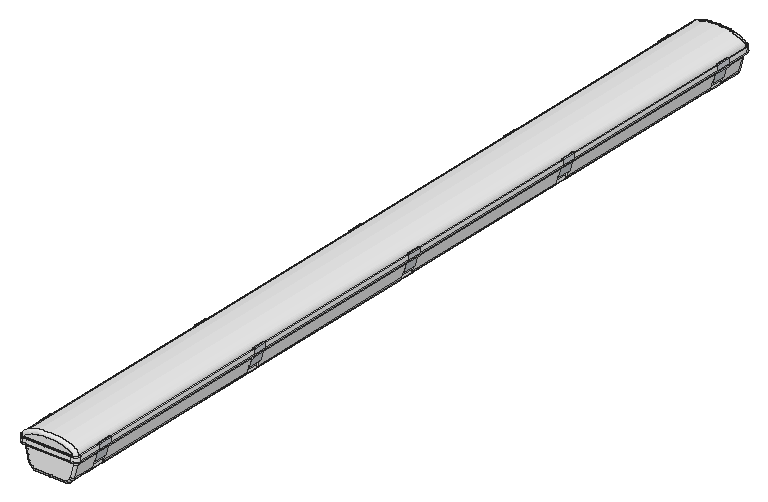
Revit family "0068082", category Lighting Fixtures, host Face, Revit 2017
Family settings
  Host = Face
  Round Connector Dimension = Use Diameter
  Part Type = Normal
  OmniClass Number = 23.80.70.11.14
  OmniClass Title = General Luminaries, Directional
  Cut with Voids When Loaded = No
  Light Source = Yes
  Shared = No
  Room Calculation Point = No
Parameters (values of type "0068082 ST WTRPRF GRP T 1500 IP65 EM 7100LM 840 - Emergency mode")
  Width = 110 mm
  Weight = "2.84 kg"
  Wattage Comments = "n/a"
  Wattage = 60 W
  WarrantyStartDate [instance] = "n/a"
  WarrantyGuarantorParts = "n/a"
  WarrantyDurationUnit = "n/a"
  WarrantyDurationParts = "n/a"
  WarrantyDescription = "n/a"
  built-in parameter 1150110 = 1 (stored number, unit not read)
  Voltage = 0 V
  URL = "http://www.sylvania-lighting.com"
  TypeName = "START Waterproof GRP Twin 1500 IP65 EM 7100 840 - Emergency mode"
  Type Image = <None>
  Type Comments = "n/a"
  built-in parameter 1114217 = 1 (stored number, unit not read)
  Tilt Angle = -90.00°
  built-in parameter 1150109 = 1 (stored number, unit not read)
  built-in parameter 1150134 = 12
  built-in parameter 1150113 = 1 (stored number, unit not read)
  SerialNumber [instance] = "n/a"
  ReflectorMaterial = none
  PowerFactor = 0.91
  PowerConsumption = "60 W"
  Photometric Web File = "0068082EM.ies"
  NominalWidth = 0 mm
  NominalLength = 1578 mm
  NominalHeight = 78 mm
  Name = "START Waterproof GRP Twin 1500 IP65 EM 7100 840 - Emergency mode"
  ModelReference = "START Waterproof GRP Twin 1500 IP65 EM 7100 840 - Emergency mode"
  ModelNumber = "0068082"
  Model = "START Waterproof GRP Twin 1500 IP65 EM 7100 840 - Emergency mode"
  Material = "composite material housing, pc polycarbonate diffuser"
  ManufacturerName = "Feilo Sylvania"
  Manufacturer = "Feilo Sylvania"
  LuminousEfficacy = "3.504 lm/W"
  built-in parameter 1150105 = 16.73 (stored number, unit not read)
  Lumens = 210.24 lm
  LuminaireType = ""
  built-in parameter 1150115 = 1 (stored number, unit not read)
  LightOutputRatio = "n/a"
  built-in parameter 1150137 = (empty or 0)
  built-in parameter 1150139 = (empty or 0)
  Length = 1572 mm
  LampsType = Lamp  # "LED"
  LampNominalLuminous = "210 lm"
  LampMacAdamStep = "n/a"
  LampColourTemperature = "4000 K"
  LampColourRenderingIndex = "80"
  built-in parameter 1150112 = 1 (stored number, unit not read)
  built-in parameter 1150114 = 1 (stored number, unit not read)
  Lamp = "LED"
  Keynote = "16500"
  InstallationDate [instance] = "n/a"
  InputVoltage = "n/a"
  InputNominalFrequency = "n/a"
  built-in parameter 1150132 = (empty or 0)
  built-in parameter 1150102 = (empty or 0)
  built-in parameter 1150107 = 4000 (stored number, unit not read)
  built-in parameter 1150138 = (empty or 0)
  IngressProtection = "IP65"
  ImpactProtectionIndex = "IK08"
  built-in parameter 1150106 = 0.1673 (stored number, unit not read)
  IfcExportType = "IfcLightFixtureType"
  IfcExportAs = "IfcLightFixtureType"
  ExpectedLife = 50000
  Emit from Rectangle Width = Width - 20 mm  # 90 mm
  Emit from Rectangle Length = Length - 20 mm  # 1552 mm
  Emit Shape Visible in Rendering = no
  ElectricShockClassification = "Class I"
  built-in parameter 1150104 = 0.32553 (stored number, unit not read)
  DurationUnit = "hours"
  DocumentationLiterature = "http://www.sylvania-lighting.com/product/en-int/products/0068082"
  DimmingControlOptions = "n/a"
  Dimming Lamp Color Temperature Shift = <None>
  DiffuserMaterial = Diffuser-Sylvania-Transparent
  Description = "Start Waterproof, integrated LED weatherproof luminaire, with UV stabilized flat diffuser and linear prisms designed to achieve uniform lit appearance, optimise light output and to reduce glare, stainless steel diffuser clips and fixing brackets for surface and wall mounting. Glass Reinforced Plastic housing for robustness, Polycarbonate diffuser, 7050lm, 60 W, 118 lm/W, 4000 K, drive current 700 mA, non dimmable, 3 hours emergency, CRI 80, IP65, IK08, Class I, nominal average life (h): 50000, 1578mm x 110mm x 78mm, energy class: A++ A+ A, D-mark"
  Default Elevation = 1219.2 mm
  CreatedOn = "10/3/2019"
  CreatedBy = "@sylvania-lighting.com"
  Cost = 0
  Color Filter = 16777215
  built-in parameter 1114216 [instance] = (empty or 0)
  ClassificationValue = "EF_70_80"
  ClassificationName = "Uniclass2015"
  BodyMaterial = Body-Sylvania-Gray
  BarCode [instance] = "n/a"
  built-in parameter 1114218 = 1 (stored number, unit not read)
  built-in parameter 1150133 = 10 (stored number, unit not read)
  AssetType = "Fixed"
  AssetIdentifier [instance] = "n/a"
  Assembly Code = "D5020200"
  Apparent Load = 60 VA
  AccessoryMaterial = Diffuser-Sylvania-Glow
Types (2, lengths in mm): name | TypeName | Photometric Web File | Name | ModelReference | Model | LuminousEfficacy | built-in parameter 1150105 | Lumens | LampNominalLuminous | built-in parameter 1150106 | built-in parameter 1150104
  0068082 ST WTRPRF GRP T 1500 IP65 EM 7100LM 840 - Emergency mode | "START Waterproof GRP Twin 1500 IP65 EM 7100 840 - Emergency mode" | "0068082EM.ies" | "START Waterproof GRP Twin 1500 IP65 EM 7100 840 - Emergency mode" | "START Waterproof GRP Twin 1500 IP65 EM 7100 840 - Emergency mode" | "START Waterproof GRP Twin 1500 IP65 EM 7100 840 - Emergency mode" | "3.504 lm/W" | 16.73 (stored number, unit not read) | 210.24 lm | "210 lm" | 0.1673 (stored number, unit not read) | 0.32553 (stored number, unit not read)
  0068082 ST WTRPRF GRP T 1500 IP65 EM 7100LM 840 | "START Waterproof GRP Twin 1500 IP65 EM 7100 840" | "0068082.ies" | "START Waterproof GRP Twin 1500 IP65 EM 7100 840" | "START Waterproof GRP Twin 1500 IP65 EM 7100 840" | "START Waterproof GRP Twin 1500 IP65 EM 7100 840" | "118 lm/W" | 563.41 (stored number, unit not read) | 7080 lm | "7050 lm" | 5.6341 (stored number, unit not read) | 10.963 (stored number, unit not read)
Reference planes
  plane 1 "Center (Front/Back)": y = 0
  plane 2: z = 0
  plane 3 "Center (Left/Right)": x = 0
  plane 4: z = 54
  plane 5: x = -27.7
  plane 6: x = -34.8
  plane 7: x = -39.6
  plane 8: x = -42.2
  plane 9: z = 3
  plane 10: z = 7.8
  plane 11: z = 12.3
  plane 12: z = 36.6
  plane 13: z = 42.8
  plane 14: x = -51.1
  plane 15: z = 46.2
  plane 16: x = -55
  plane 17: y = 786
  plane 18: y = -786
  plane 19: x = 27.7
  plane 20: x = 34.8
  plane 21: x = 39.6
  plane 22: x = 42.2
  plane 23: x = 51.1
  plane 24: x = 55
  plane 25: y = 778.4
  plane 26: y = -778.4
  plane 27: y = -774.7
  plane 28: y = 774.7
  plane 29: z = 74
  plane 30: x = -51.5
  plane 31: x = 51.5
  plane 32: z = 55.2
  plane 33: y = -782.5
  plane 34: y = 782.5
  plane 35: x = -37.5
  plane 36: x = 37.5
  plane 37: x = -48.7
  plane 38: x = 48.7
  plane 39: x = 18
  plane 40: x = -18
  plane 41: z = 50.2
  plane 42: z = 24.6
  plane 43: y = 720
  plane 44: y = 706
  plane 45: y = 734
  plane 46: y = -720
  plane 47: y = 720
  plane 48: y = 706
  plane 49: y = 734
  plane 50: y = -720
  plane 51: y = -734
  plane 52: y = -706
  plane 53: y = 360
  plane 54: y = 346
  plane 55: y = 374
  plane 56: y = 0
  plane 57: y = -14
  plane 58: y = 14
  plane 59: y = -360
  plane 60: y = -374
  plane 61: y = -346
Forms (mm)
  Sweep 1, solid, material "Body-Sylvania-Gray" <- "BodyMaterial", detail levels medium+fine
    path origin (1223.4, -4572, 54) x (0, -1, 0) y (1, 0, 0)
      loop
        arc (-3796, -1278.4) -> (-3788.929, -1275.471) -> (-3786, -1268.4) r 10
        line (-3786, -1268.4) -> (-3786, -1178.4)
        arc (-3786, -1178.4) -> (-3788.929, -1171.329) -> (-3796, -1168.4) r 10
        line (-3796, -1168.4) -> (-5348, -1168.4)
        arc (-5348, -1168.4) -> (-5355.071, -1171.329) -> (-5358, -1178.4) r 10
        line (-5358, -1178.4) -> (-5358, -1268.4)
        arc (-5358, -1268.4) -> (-5355.071, -1275.471) -> (-5348, -1278.4) r 10
        line (-5348, -1278.4) -> (-3796, -1278.4)
    profile origin (-55, 0, 54) x (-1, 0, 0) y (0, 0, 1)
      loop
        line (0, 0) -> (-1, 0) -> (-1, -7.726)
        arc (-1, -7.726) -> (-1.994, -9.498) -> (-3.9, -10.2) r 2.937
        line (-3.9, -10.2) -> (-8.571, -10.2) -> (-8.571, -11.2) -> (-3.9, -11.2)
        arc (-3.9, -11.2) -> (-1.313, -10.231) -> (0, -7.8) r 3.937
        line (0, -7.8) -> (0, 0)
  Sweep 2, solid, material "Body-Sylvania-Gray" <- "BodyMaterial", detail levels medium+fine
    path origin (0, 0, 0) x (1, 0, 0) y (0, 0, 1)
      loop
        line (48.7, 42.8) -> (48.7, 36.6) -> (42.203, 12.31)
        arc (42.203, 12.31) -> (41.199, 9.884) -> (39.6, 7.8) r 10.052
        line (39.6, 7.8) -> (34.8, 3)
        arc (34.8, 3) -> (31.554, 0.781) -> (27.7, 0) r 9.902
        line (27.7, 0) -> (0, 0) -> (-27.7, 0)
        arc (-27.7, 0) -> (-31.554, 0.781) -> (-34.8, 3) r 9.902
        line (-34.8, 3) -> (-39.6, 7.8)
        arc (-39.6, 7.8) -> (-41.199, 9.884) -> (-42.203, 12.31) r 10.052
        line (-42.203, 12.31) -> (-48.7, 36.6) -> (-48.7, 42.8)
    profile origin (0, 0, 0) x (0, 0, -1) y (0, -1, 0)
      loop
        arc (0, 773.4) -> (-1.464, 776.936) -> (-5, 778.4) r 5
        line (-5, 778.4) -> (-7.8, 778.4) -> (-7.8, -778.4) -> (-5, -778.4)
        arc (-5, -778.4) -> (-1.464, -776.936) -> (0, -773.4) r 5
        line (0, -773.4) -> (0, 773.4)
  Extrusion 3, solid, material "Body-Sylvania-Gray" <- "BodyMaterial", detail levels medium+fine
    sketch origin (1524, 778.4, 1219.2) x (1, 0, 0) y (0, 0, 1)
      loop
        arc (-1558.668, -1204.874) -> (-1558.443, -1205.418) -> (-1558.085, -1205.885) r 2.252
        line (-1558.085, -1205.885) -> (-1553.231, -1210.738)
        arc (-1553.231, -1210.738) -> (-1552.534, -1211.227) -> (-1551.7, -1211.4) r 2.102
        line (-1551.7, -1211.4) -> (-1496.3, -1211.4)
        arc (-1496.3, -1211.4) -> (-1495.466, -1211.227) -> (-1494.769, -1210.738) r 2.102
        line (-1494.769, -1210.738) -> (-1489.915, -1205.885)
        arc (-1489.915, -1205.885) -> (-1489.557, -1205.418) -> (-1489.332, -1204.874) r 2.252
        line (-1489.332, -1204.874) -> (-1483.1, -1181.575) -> (-1483.1, -1176.4) -> (-1564.9, -1176.4) -> (-1564.9, -1181.575) -> (-1558.668, -1204.874)
    from 0 to 1556.8
  Sweep 4, solid, material "Diffuser-Sylvania-Transparent" <- "DiffuserMaterial", detail levels medium+fine
    path origin (0, 0, 0) x (1, 0, 0) y (0, 0, 1)
      loop
        spline (-51.5, 55.2) -> (-49.745, 60.066) -> (-44.6, 64.6) -> (-36.416, 68.494) -> (-25.75, 71.481) -> (-13.329, 73.359) -> (0, 74) -> (13.329, 73.359) -> (25.75, 71.481) -> (36.416, 68.494) -> (44.6, 64.6) -> (49.745, 60.066) -> (51.5, 55.2)
    profile origin (51.5, 0, 55.2) x (0, -1, 0) y (1, 0, 0)
      loop
        arc (782.5, -5.5) -> (780.889, -1.611) -> (777, 0) r 5.5
        line (777, 0) -> (-777, 0)
        arc (-777, 0) -> (-780.889, -1.611) -> (-782.5, -5.5) r 5.5
        line (-782.5, -5.5) -> (-782.5, -6.3) -> (-781.5, -6.3) -> (-781.5, -5.5)
        arc (-781.5, -5.5) -> (-780.182, -2.318) -> (-777, -1) r 4.5
        line (-777, -1) -> (777, -1)
        arc (777, -1) -> (780.182, -2.318) -> (781.5, -5.5) r 4.5
        line (781.5, -5.5) -> (781.5, -6.347) -> (782.5, -6.347) -> (782.5, -5.5)
  Extrusion 5, solid, material "Diffuser-Sylvania-Transparent" <- "DiffuserMaterial", detail levels medium+fine
    sketch origin (1524, -782.5, 1219.2) x (1, 0, 0) y (0, 0, 1)
      loop
        line (-1569.653, -1164) -> (-1478.347, -1164)
        spline (-1478.347, -1164) -> (-1478.969, -1162.594) -> (-1482.527, -1159.545) -> (-1489.588, -1156.201) -> (-1499.458, -1153.445) -> (-1511.242, -1151.663) -> (-1524, -1151.049) -> (-1536.758, -1151.663) -> (-1548.542, -1153.445) -> (-1558.412, -1156.201) -> (-1565.473, -1159.545) -> (-1569.031, -1162.594) -> (-1569.653, -1164)
    from 0 to -1
  Extrusion 6, solid, material "Diffuser-Sylvania-Transparent" <- "DiffuserMaterial", detail levels medium+fine
    sketch origin (1524, 782.5, 1219.2) x (1, 0, 0) y (0, 0, 1)
      loop
        spline (-1478.3, -1164) -> (-1478.931, -1162.565) -> (-1482.502, -1159.505) -> (-1489.572, -1156.155) -> (-1499.446, -1153.394) -> (-1511.236, -1151.614) -> (-1524, -1151.007) -> (-1536.764, -1151.614) -> (-1548.554, -1153.394) -> (-1558.428, -1156.155) -> (-1565.498, -1159.505) -> (-1569.069, -1162.565) -> (-1569.7, -1164)
        line (-1569.7, -1164) -> (-1478.3, -1164)
    from 0 to 1
  Extrusion 7, solid, material "Diffuser-Sylvania-Transparent" <- "DiffuserMaterial", detail levels medium+fine
    sketch origin (1223.4, -4572, 55.2) x (0, -1, 0) y (-1, 0, 0)
      loop
        arc (-5353.5, 1177.4) -> (-5352.182, 1174.218) -> (-5349, 1172.9) r 4.5
        line (-5349, 1172.9) -> (-3795, 1172.9)
        arc (-3795, 1172.9) -> (-3791.818, 1174.218) -> (-3790.5, 1177.4) r 4.5
        line (-3790.5, 1177.4) -> (-3790.5, 1269.4)
        arc (-3790.5, 1269.4) -> (-3791.818, 1272.582) -> (-3795, 1273.9) r 4.5
        line (-3795, 1273.9) -> (-5349, 1273.9)
        arc (-5349, 1273.9) -> (-5352.182, 1272.582) -> (-5353.5, 1269.4) r 4.5
        line (-5353.5, 1269.4) -> (-5353.5, 1177.4)
      loop
        line (-5358, 1268.4) -> (-5358, 1178.4)
        arc (-5358, 1178.4) -> (-5355.071, 1171.329) -> (-5348, 1168.4) r 10
        line (-5348, 1168.4) -> (-3796, 1168.4)
        arc (-3796, 1168.4) -> (-3788.929, 1171.329) -> (-3786, 1178.4) r 10
        line (-3786, 1178.4) -> (-3786, 1268.4)
        arc (-3786, 1268.4) -> (-3788.929, 1275.471) -> (-3796, 1278.4) r 10
        line (-3796, 1278.4) -> (-5348, 1278.4)
        arc (-5348, 1278.4) -> (-5355.071, 1275.471) -> (-5358, 1268.4) r 10
    from 0 to 1.2
  Extrusion 8, solid, material "Diffuser-Sylvania-Glow" <- "AccessoryMaterial", detail levels fine
    sketch origin (0, 0, 0) x (1, 0, 0) y (0, 0, 1)
      loop
        circle (-18, 50.2) r 8
      loop
        circle (18, 50.2) r 8
    from -774.7 to 774.7
  Extrusion 9, void
    sketch origin (0, 720, 2343.807) x (0, 0, -1) y (-1, 0, 0)
      loop
        line (2340.807, -37.5) -> (2331.507, -37.5) -> (2319.207, -42.2) -> (2319.207, -48.7) -> (2340.807, -48.7) -> (2340.807, -37.5)
      loop
        line (2340.807, 37.5) -> (2340.807, 48.7) -> (2319.207, 48.7) -> (2319.207, 42.2) -> (2331.507, 37.5) -> (2340.807, 37.5)
    from -14 to 14
  Extrusion 10, solid, material "Body-Sylvania-Gray" <- "BodyMaterial", detail levels coarse
    sketch origin (0, 0, 0) x (1, 0, 0) y (0, 0, 1)
      loop
        line (55, 42.8) -> (55, 55.2) -> (-55, 55.2) -> (-55, 42.791) -> (-42.2, 0) -> (42.2, 0) -> (55, 42.8)
    from -786 to 786
  Extrusion 11, solid, material "Diffuser-Sylvania-Transparent" <- "DiffuserMaterial", detail levels coarse
    sketch origin (0, 0, 0) x (1, 0, 0) y (0, 0, 1)
      loop
        arc (51.5, 55.2) -> (0, 74) -> (-51.5, 55.2) r 79.939
        line (-51.5, 55.2) -> (51.5, 55.2)
    from 778.4 to -778.4
  Extrusion 12, void, not visible
    sketch origin (0, 720, 2343.807) x (0, 0, -1) y (-1, 0, 0)
      loop
        line (2340.807, -37.5) -> (2331.507, -37.5) -> (2319.207, -42.2) -> (2319.207, -48.7) -> (2340.807, -48.7) -> (2340.807, -37.5)
      loop
        line (2340.807, 37.5) -> (2340.807, 48.7) -> (2319.207, 48.7) -> (2319.207, 42.2) -> (2331.507, 37.5) -> (2340.807, 37.5)
    from -14 to 14
  Extrusion 13, void
    sketch origin (0, -720, 2343.807) x (0, 0, -1) y (-1, 0, 0)
      loop
        line (2340.807, -37.5) -> (2331.507, -37.5) -> (2319.207, -42.2) -> (2319.207, -48.7) -> (2340.807, -48.7) -> (2340.807, -37.5)
      loop
        line (2340.807, 37.5) -> (2340.807, 48.7) -> (2319.207, 48.7) -> (2319.207, 42.2) -> (2331.507, 37.5) -> (2340.807, 37.5)
    from -14 to 14
  Extrusion 14, void
    sketch origin (0, 360, 2343.807) x (0, 0, -1) y (-1, 0, 0)
      loop
        line (2340.807, -37.5) -> (2331.507, -37.5) -> (2319.207, -42.2) -> (2319.207, -48.7) -> (2340.807, -48.7) -> (2340.807, -37.5)
      loop
        line (2340.807, 37.5) -> (2340.807, 48.7) -> (2319.207, 48.7) -> (2319.207, 42.2) -> (2331.507, 37.5) -> (2340.807, 37.5)
    from -14 to 14
  Extrusion 15, void
    sketch origin (0, 0, 2343.807) x (0, 0, -1) y (-1, 0, 0)
      loop
        line (2340.807, -37.5) -> (2331.507, -37.5) -> (2319.207, -42.2) -> (2319.207, -48.7) -> (2340.807, -48.7) -> (2340.807, -37.5)
      loop
        line (2340.807, 37.5) -> (2340.807, 48.7) -> (2319.207, 48.7) -> (2319.207, 42.2) -> (2331.507, 37.5) -> (2340.807, 37.5)
    from -14 to 14
  Extrusion 16, void
    sketch origin (0, -360, 2343.807) x (0, 0, -1) y (-1, 0, 0)
      loop
        line (2340.807, -37.5) -> (2331.507, -37.5) -> (2319.207, -42.2) -> (2319.207, -48.7) -> (2340.807, -48.7) -> (2340.807, -37.5)
      loop
        line (2340.807, 37.5) -> (2340.807, 48.7) -> (2319.207, 48.7) -> (2319.207, 42.2) -> (2331.507, 37.5) -> (2340.807, 37.5)
    from -14 to 14
Cuts and joins
  Extrusion 9, Extrusion 13, Extrusion 14, Extrusion 15, Extrusion 16 cuts Sweep 2
  Extrusion 13, Extrusion 14, Extrusion 15, Extrusion 16 cuts Extrusion 3
  joined: Sweep 2, Extrusion 3
  joined: Sweep 4, Extrusion 5, Extrusion 6
Dimensions and locks
  locked: plane 4 to plane 2 at 54
  plane 5 to plane 6 to plane 7 to plane 8 to plane 14 to plane 16 = 7.1 mm locked, 4.8 mm locked, 2.6 mm locked, 8.9 mm, 3.9 mm
  plane 4 to plane 15 to plane 13 to plane 12 to plane 11 to plane 10 to plane 9 = 7.8 mm locked, 3.4 mm, 6.2 mm locked, 24.3 mm locked, 4.5 mm locked, 4.8 mm locked
  equal spacing: plane 18, plane 1 "Center (Front/Back)", plane 17
  "Length": plane 18 to plane 17
  plane 19 to plane 20 to plane 21 to plane 22 to plane 23 to plane 24 = 7.1 mm locked, 4.8 mm locked, 2.6 mm locked, 8.9 mm, 3.9 mm
  equal spacing: plane 24, plane 3 "Center (Left/Right)", plane 16
  "Width": plane 24 to plane 16
  equal spacing: plane 27, plane 1 "Center (Front/Back)", plane 28
  locked: plane 26 to plane 27 at 3.7
  locked: Sweep 1 sketch curve to profile plane at 1
  locked: Sweep 1 sketch curve to plane 13 at 1
  locked: Sweep 1 sketch curve to plane 13 at 3.937  (x2)
  locked: Sweep 1 sketch curve to profile plane at 3.9  (x2)
  locked: plane 29 to plane 4 at 20
  equal spacing: plane 31, plane 3 "Center (Left/Right)", plane 30
  locked: plane 30 to plane 16 at 3.5
  locked: plane 32 to plane 4 at 1.2
  equal spacing: plane 33, plane 1 "Center (Front/Back)", plane 34
  equal spacing: plane 36, plane 3 "Center (Left/Right)", plane 35
  locked: plane 3 "Center (Left/Right)" to plane 35 at 37.5
  locked: plane 34 to plane 17 at 3.5
  equal spacing: plane 38, plane 3 "Center (Left/Right)", plane 37
  locked: plane 37 to plane 16 at 6.3
  equal spacing: plane 25, plane 1 "Center (Front/Back)", plane 26
  locked: plane 17 to plane 25 at 7.6
  locked: Sweep 2 sketch curve to plane 2 at 5  (x2)
  locked: Sweep 2 sketch curve to plane 26 at 5
  locked: plane 25 to Sweep 2 sketch curve at 5
  locked: Sweep 4 sketch curve to plane 31 at 5.5  (x2)
  locked: Sweep 4 sketch curve to plane 34 at 5.5
  plane 33 to Sweep 4 sketch curve = 5.5 mm
  locked: plane 34 to Sweep 4 sketch curve at 1
  locked: Sweep 4 sketch curve to plane 31 at 1
  locked: Sweep 4 sketch curve to Sweep 4 sketch curve at 1
  locked: Sweep 4 sketch curve to plane 31 at 6.347
  locked: Sweep 4 sketch curve to plane 31 at 6.3
  equal spacing: plane 39, plane 3 "Center (Left/Right)", plane 40
  locked: plane 3 "Center (Left/Right)" to plane 40 at 18
  locked: plane 42 to plane 2 at 24.6
  plane 45 to plane 43 to plane 44 = 14 mm locked, 14 mm locked
  locked: plane 17 to plane 43 at 66
  equal spacing: plane 43, plane 1 "Center (Front/Back)", plane 46
  plane 49 to plane 47 to plane 48 = 14 mm locked, 14 mm locked
  plane 52 to plane 50 to plane 51 = 14 mm locked, 14 mm locked  (x2)
  equal spacing: group 1, group 6, group 7, group 8, group 5  (x2)
  equal spacing: group 5, group 8, group 7, group 6, group 1
  plane 55 to plane 53 to plane 54 = 14 mm locked, 14 mm locked  (x2)
  plane 58 to plane 56 to plane 57 = 14 mm locked, 14 mm locked  (x2)
  plane 61 to plane 59 to plane 60 = 14 mm locked, 14 mm locked  (x2)
  plane 43 to plane 53 to plane 1 "Center (Front/Back)" to plane 59 to plane 50 = 360 mm locked, 360 mm locked, 360 mm locked, 360 mm locked
  aligned and locked: plane 2 to host face
  aligned and locked: level to host face
  aligned and locked: plane 16 to Sweep 1 sketch curve
  aligned and locked: Sweep 1 sketch curve to plane 24
  aligned and locked: plane 18 to Sweep 1 sketch curve
  aligned and locked: Sweep 1 sketch curve to plane 13
  aligned and locked: profile plane to Sweep 1 sketch curve
  aligned and locked: plane 3 "Center (Left/Right)" to Sweep 2 sketch curve
  aligned and locked: plane 9 to Sweep 2 sketch curve
  aligned and locked: plane 10 to Sweep 2 sketch curve
  aligned and locked: plane 37 to Sweep 2 sketch curve
  aligned and locked: plane 12 to Sweep 2 sketch curve
  aligned and locked: Sweep 2 sketch curve to level
  aligned and locked: plane 21 to Sweep 2 sketch curve
  aligned and locked: plane 38 to Sweep 2 sketch curve
  aligned and locked: profile plane to Sweep 2 sketch curve
  aligned and locked: plane 25 to Sweep 2 sketch curve
  aligned and locked: Sweep 2 sketch curve to plane 10
  aligned and locked: Extrusion 3 sketch curve to Sweep 2  (x7)
  aligned and locked: Sweep 2 to Extrusion 3 sketch curve
  aligned and locked: Extrusion 3 to plane 25
  aligned and locked: plane 26 to Extrusion 3
  aligned and locked: plane 32 to Sweep 4 sketch curve
  aligned and locked: plane 33 to Sweep 4 sketch curve
  aligned and locked: Sweep 4 to Extrusion 5
  aligned and locked: plane 33 to Extrusion 5
  aligned and locked: Extrusion 5 sketch curve to Sweep 4
  aligned and locked: cut or joined group of Sweep 4, Extrusion 5, Extrusion 6 to Extrusion 6 sketch curve
  aligned and locked: Extrusion 7 sketch curve to cut or joined group of Sweep 4, Extrusion 5, Extrusion 6  (x2)
  aligned and locked: cut or joined group of Sweep 4, Extrusion 5, Extrusion 6 to Extrusion 7 sketch curve  (x2)
  aligned and locked: plane 41 to Extrusion 8 sketch curve  (x2)
  aligned and locked: plane 39 to Extrusion 8 sketch curve
  aligned and locked: plane 27 to Extrusion 8
  aligned and locked: Extrusion 8 to plane 28
  aligned and locked: Extrusion 9 to plane 42
  aligned and locked: plane 9 to Extrusion 9
  aligned and locked: plane 44 to Extrusion 9
  aligned and locked: Extrusion 9 to plane 45
  aligned and locked: Extrusion 7 sketch curve to Sweep 1  (x4)
  aligned and locked: plane 4 to Extrusion 7
  aligned and locked: Extrusion 7 to plane 32
  aligned and locked: nested 2 to plane 43
  aligned and locked: plane 43 to nested 1
  aligned and locked: Extrusion 10 sketch curve to plane 24
  aligned and locked: Extrusion 10 sketch curve to Extrusion 7
  aligned and locked: plane 8 to Extrusion 10 sketch curve
  aligned and locked: plane 22 to Extrusion 10 sketch curve
  aligned and locked: level to Extrusion 10 sketch curve
  aligned and locked: Extrusion 10 to plane 17
  aligned and locked: plane 18 to Extrusion 10
  aligned and locked: cut or joined group of Sweep 4, Extrusion 5, Extrusion 6 to Extrusion 11 sketch curve
  aligned and locked: Extrusion 11 sketch curve to cut or joined group of Sweep 4, Extrusion 5, Extrusion 6  (x2)
  aligned and locked: plane 31 to Extrusion 11 sketch curve
  aligned and locked: plane 30 to Extrusion 11 sketch curve
  aligned and locked: plane 26 to Extrusion 11
  aligned and locked: Extrusion 11 to plane 25
  aligned and locked: imposter light to plane 29
  aligned and locked: plane 3 "Center (Left/Right)" to imposter light
  aligned and locked: plane 1 "Center (Front/Back)" to imposter light
  aligned and locked: plane 51 to Extrusion 13
  aligned and locked: Extrusion 13 to plane 52
  aligned and locked: plane 54 to Extrusion 14
  aligned and locked: Extrusion 14 to plane 55
  aligned and locked: plane 57 to Extrusion 15
  aligned and locked: Extrusion 15 to plane 58
  aligned and locked: plane 60 to Extrusion 16
  aligned and locked: Extrusion 16 to plane 61
  aligned and locked: nested 3 to plane 53
  aligned and locked: plane 53 to nested 10
  aligned and locked: nested 4 to plane 56
  aligned and locked: plane 56 to nested 9
  aligned and locked: nested 5 to plane 59
  aligned and locked: plane 59 to nested 8
  aligned and locked: nested 6 to plane 50
  aligned and locked: plane 50 to nested 7
Automatic sketch dimensions
  host sketch curve to host sketch curve = 2438.4 mm  (x2)
  plane 17 to Sweep 1 sketch curve = 0 mm
  Sweep 1 sketch curve to plane 28 = 1.3 mm
  Sweep 1 sketch curve to plane 7 = 5.4 mm
  plane 27 to Sweep 1 sketch curve = 1.3 mm  (x2)
  Sweep 1 sketch curve to Sweep 1 sketch curve = 4.671 mm
  Sweep 1 sketch curve to plane 4 = 0 mm
  Sweep 2 sketch curve to plane 7 = 0 mm
  Sweep 2 sketch curve to plane 6 = 0 mm
  Sweep 2 sketch curve to plane 5 = 0 mm
  plane 19 to Sweep 2 sketch curve = 0 mm
  Sweep 2 sketch curve to plane 9 = 0 mm
  plane 20 to Sweep 2 sketch curve = 0 mm
  Sweep 2 sketch curve to plane 12 = 0 mm
  Sweep 2 sketch curve to plane 10 = 0 mm
  Sweep 2 sketch curve to plane 13 = 0 mm  (x2)
  Sweep 2 sketch curve to plane 8 = 0.003 mm
  plane 6 to Sweep 2 sketch curve = 2.308 mm
  plane 20 to Sweep 2 sketch curve = 2.308 mm
  Sweep 2 sketch curve to plane 22 = 0.003 mm
  Sweep 2 sketch curve to plane 11 = 0.01 mm  (x2)
  Extrusion 3 sketch curve to plane 5 = 0 mm
  plane 19 to Extrusion 3 sketch curve = 0 mm
  plane 6 to Extrusion 3 sketch curve = 0.132 mm
  plane 6 to Extrusion 3 sketch curve = 0.715 mm
  Extrusion 3 sketch curve to Extrusion 3 sketch curve = 1.592 mm
  Extrusion 3 sketch curve to plane 10 = 0.662 mm  (x2)
  plane 20 to Extrusion 3 sketch curve = 2.308 mm
  plane 20 to Extrusion 3 sketch curve = 0.715 mm
  plane 20 to Extrusion 3 sketch curve = 0.132 mm
  Sweep 4 sketch curve to plane 30 = 0 mm
  Sweep 4 sketch curve to plane 3 "Center (Left/Right)" = 0 mm
  Sweep 4 sketch curve to Sweep 4 sketch curve = 0 mm  (x2)
  plane 37 to Extrusion 5 sketch curve = 3.047 mm
  Extrusion 5 sketch curve to plane 38 = 3.047 mm
  plane 37 to Extrusion 6 sketch curve = 3 mm
  Extrusion 6 sketch curve to plane 38 = 3 mm
  plane 25 to Extrusion 7 sketch curve = 1.4 mm  (x2)
  Extrusion 7 sketch curve to plane 26 = 1.4 mm  (x2)
  Extrusion 8 sketch curve to plane 40 = 0 mm
  Extrusion 9 sketch curve to Extrusion 9 sketch curve = 0 mm
  Extrusion 9 sketch curve to Extrusion 9 sketch curve = 12.3 mm  (x2)
  Extrusion 9 sketch curve to Extrusion 9 sketch curve = 9.3 mm  (x2)
  Extrusion 9 sketch curve to Extrusion 9 sketch curve = 6.5 mm
  Extrusion 9 sketch curve to Extrusion 9 sketch curve = 4.7 mm  (x2)
  Extrusion 9 sketch curve to Extrusion 9 sketch curve = 75 mm
  Extrusion 9 sketch curve to Extrusion 9 sketch curve = 11.2 mm
  Extrusion 10 sketch curve to plane 13 = 0 mm
  plane 13 to Extrusion 10 sketch curve = 0.009 mm
  Extrusion 11 sketch curve to level = 5.939 mm
  Extrusion 10 sketch curve to plane 16 = 0 mm
  Extrusion 12 sketch curve to Extrusion 12 sketch curve = 0 mm
  Extrusion 12 sketch curve to Extrusion 12 sketch curve = 12.3 mm  (x2)
  Extrusion 12 sketch curve to Extrusion 12 sketch curve = 9.3 mm  (x2)
  Extrusion 12 sketch curve to Extrusion 12 sketch curve = 6.5 mm
  Extrusion 12 sketch curve to Extrusion 12 sketch curve = 4.7 mm  (x2)
  Extrusion 12 sketch curve to Extrusion 12 sketch curve = 75 mm
  Extrusion 12 sketch curve to Extrusion 12 sketch curve = 11.2 mm
  Extrusion 13 sketch curve to Extrusion 13 sketch curve = 0 mm
  Extrusion 13 sketch curve to Extrusion 13 sketch curve = 12.3 mm  (x2)
  Extrusion 13 sketch curve to Extrusion 13 sketch curve = 9.3 mm  (x2)
  Extrusion 13 sketch curve to Extrusion 13 sketch curve = 6.5 mm
  Extrusion 13 sketch curve to Extrusion 13 sketch curve = 4.7 mm  (x2)
  Extrusion 13 sketch curve to Extrusion 13 sketch curve = 75 mm
  Extrusion 13 sketch curve to Extrusion 13 sketch curve = 11.2 mm
  Extrusion 14 sketch curve to Extrusion 14 sketch curve = 0 mm
  Extrusion 14 sketch curve to Extrusion 14 sketch curve = 12.3 mm  (x2)
  Extrusion 14 sketch curve to Extrusion 14 sketch curve = 9.3 mm  (x2)
  Extrusion 14 sketch curve to Extrusion 14 sketch curve = 6.5 mm
  Extrusion 14 sketch curve to Extrusion 14 sketch curve = 4.7 mm  (x2)
  Extrusion 14 sketch curve to Extrusion 14 sketch curve = 75 mm
  Extrusion 14 sketch curve to Extrusion 14 sketch curve = 11.2 mm
  Extrusion 15 sketch curve to Extrusion 15 sketch curve = 0 mm
  Extrusion 15 sketch curve to Extrusion 15 sketch curve = 12.3 mm  (x2)
  Extrusion 15 sketch curve to Extrusion 15 sketch curve = 9.3 mm  (x2)
  Extrusion 15 sketch curve to Extrusion 15 sketch curve = 6.5 mm
  Extrusion 15 sketch curve to Extrusion 15 sketch curve = 4.7 mm  (x2)
  Extrusion 15 sketch curve to Extrusion 15 sketch curve = 75 mm
  Extrusion 15 sketch curve to Extrusion 15 sketch curve = 11.2 mm
  Extrusion 16 sketch curve to Extrusion 16 sketch curve = 0 mm
  Extrusion 16 sketch curve to Extrusion 16 sketch curve = 12.3 mm  (x2)
  Extrusion 16 sketch curve to Extrusion 16 sketch curve = 9.3 mm  (x2)
  Extrusion 16 sketch curve to Extrusion 16 sketch curve = 6.5 mm
  Extrusion 16 sketch curve to Extrusion 16 sketch curve = 4.7 mm  (x2)
  Extrusion 16 sketch curve to Extrusion 16 sketch curve = 75 mm
  Extrusion 16 sketch curve to Extrusion 16 sketch curve = 11.2 mm
  radius of Extrusion 8 sketch curve = 8 mm  (x2)
Nested families
  nested 1: "Clip" at (42.2, 720, 24.6), type "Clip", detail levels fine
  nested 2: "Clip" at (-42.2, 720, 24.6) x (-1, 0, 0) z (0, 0, 1), type "Clip", detail levels fine
  nested 3: "Clip" at (-42.2, 360, 24.6) x (-1, 0, 0) z (0, 0, 1), type "Clip", detail levels fine
  nested 4: "Clip" at (-42.2, 0, 24.6) x (-1, 0, 0) z (0, 0, 1), type "Clip", detail levels fine
  nested 5: "Clip" at (-42.2, -360, 24.6) x (-1, 0, 0) z (0, 0, 1), type "Clip", detail levels fine
  nested 6: "Clip" at (-42.2, -720, 24.6) x (-1, 0, 0) z (0, 0, 1), type "Clip", detail levels fine
  nested 7: "Clip" at (42.2, -720, 24.6), type "Clip", detail levels fine
  nested 8: "Clip" at (42.2, -360, 24.6), type "Clip", detail levels fine
  nested 9: "Clip" at (42.2, 0, 24.6), type "Clip", detail levels fine
  nested 10: "Clip" at (42.2, 360, 24.6), type "Clip", detail levels fine
Connectors
  electrical at (0, 0, 0), driven by "Apparent Load"
    settings: index 1, voltage 230 V, apparent load 60 VA, apparent load phase1 0 VA, apparent load phase2 0 VA, apparent load phase3 0 VA, power factor 0, load classification "Lighting", number of poles 1, system type 30, power factor state 1, is connector primary yes, connector utility no, sub classification motor no, connector description ""
Definition of nested family "Clip"
  Parameters (values of type "Clip")
    URL = "http://www.feilosylvania.com"
    Type Comments = "n/a"
    Model = "n/a"
    Manufacturer = "Feilo Sylvania"
    Keynote = "n/a"
    Description = "n/a"
    Default Elevation = 1219.2 mm
    Cost = 0
    BodyMaterial = none
    Assembly Code = "n/a"
  Reference planes
    plane 1 "Center (Front/Back)": y = 0
    plane 2: z = 0
    plane 3 "Center (Left/Right)": x = 0
    plane 4: x = 3.3
    plane 5: x = 6.5
    plane 6: x = 8.9
    plane 7: x = 12.8
    plane 8: z = 12
    plane 9: z = 18.2
    plane 10: z = 21.6
    plane 11: z = 30.6
    plane 12: x = 9.3
    plane 13: z = 19.2
    plane 14: z = 16.2
    plane 15: x = 10.1
    plane 16: y = 12
    plane 17: y = -12
  Forms (mm)
    Extrusion 1, solid
      sketch origin (-0.8, 0, 0) x (1, 0, 0) y (0, 1, 0)
        loop
          line (-1219.2, 1219.2) -> (-1219.2, -1219.2) -> (1219.2, -1219.2) -> (1219.2, 1219.2) -> (-1219.2, 1219.2)
      from 0 to -304.8
    Extrusion 2, solid
      sketch origin (0, 0, 0) x (1, 0, 0) y (0, 0, 1)
        loop
          line (8.9, 16.2) -> (4.58, 0) -> (0, 0) -> (0, -0.8) -> (5.195, -0.8) -> (9.603, 15.731) -> (13.6, 18.806) -> (13.6, 30.6)
          arc (13.6, 30.6) -> (11.45, 32.75) -> (9.3, 30.6) r 2.15
          line (9.3, 30.6) -> (10.1, 30.6)
          arc (10.1, 30.6) -> (11.45, 31.95) -> (12.8, 30.6) r 1.35
          line (12.8, 30.6) -> (12.8, 19.2) -> (8.9, 16.2)
      from -12 to 12
  Lines and regions (mm)
    reference lines
      curve 1: line (3.3, 0, 0) -> (6.5, 0, 12)
      curve 2: arc (8.9, 0, 18.2) -> (11.488, 0, 19.169) -> (12.8, 0, 21.6) r 3.934
  Dimensions and locks
    plane 7 to plane 6 to plane 5 to plane 4 to plane 3 "Center (Left/Right)" = 3.9 mm locked, 2.4 mm locked, 3.2 mm locked, 3.3 mm locked
    plane 11 to plane 10 to plane 9 to plane 8 to plane 2 = 9 mm locked, 3.4 mm locked, 6.2 mm locked, 12 mm locked
    locked: plane 7 to plane 12 at 3.5
    locked: plane 13 to plane 9 at 1
    locked: plane 9 to plane 14 at 2
    locked: plane 15 to plane 12 at 0.8
    locked: plane 2 to Extrusion 2 sketch curve at 0.8
    locked: Extrusion 2 sketch curve to Extrusion 2 sketch curve at 0.8  (x3)
    locked: plane 7 to Extrusion 2 sketch curve at 1.35
    equal spacing: plane 17, plane 1 "Center (Front/Back)", plane 16
    locked: plane 1 "Center (Front/Back)" to plane 16 at 12
    aligned and locked: plane 2 to Extrusion 1
    aligned and locked: level to Extrusion 1
    aligned and locked: plane 4 to curve 1
    aligned and locked: plane 5 to curve 1
    aligned and locked: plane 6 to curve 2
    aligned and locked: plane 10 to curve 2
    aligned and locked: plane 14 to Extrusion 2 sketch curve
    aligned and locked: plane 13 to Extrusion 2 sketch curve
    aligned and locked: plane 7 to Extrusion 2 sketch curve
    aligned and locked: plane 3 "Center (Left/Right)" to Extrusion 2 sketch curve
    aligned and locked: Extrusion 2 sketch curve to level
    aligned and locked: Extrusion 2 sketch curve to plane 11
    aligned and locked: plane 11 to Extrusion 2 sketch curve
    aligned and locked: Extrusion 2 to plane 16
    aligned and locked: plane 17 to Extrusion 2
  Automatic sketch dimensions
    Extrusion 1 sketch curve to Extrusion 1 sketch curve = 2438.4 mm  (x2)
    curve 2 to plane 7 = 0 mm
    curve 1 to level = 0 mm
    curve 1 to plane 8 = 0 mm
    curve 2 to plane 9 = 0 mm
    plane 6 to curve 2 = 0.002 mm
    Extrusion 2 sketch curve to Extrusion 2 sketch curve = 0 mm
    Extrusion 2 sketch curve to plane 6 = 0 mm
    plane 4 to Extrusion 2 sketch curve = 1.28 mm
